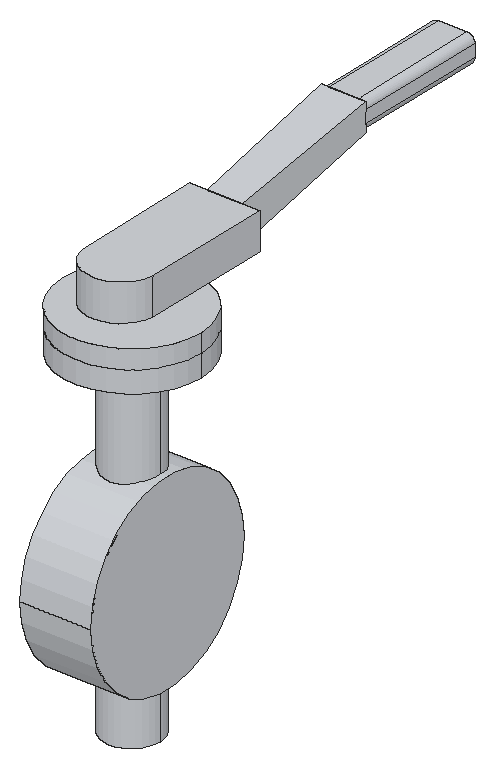
Revit family "HS497-67_disk-litina-s pákou DN080-RFA_2018", category Pipe Accessories, Revit 2018
Family settings
  Round Connector Dimension = Use Diameter
  Part Type = Valve - Breaks Into
  Work Plane-Based = No
  Always vertical = Yes
  Cut with Voids When Loaded = No
  Shared = No
Parameters (values of type "HS 497-67_DN080_PN16_s pákou")
  magiProductId = "e414795fab0f4eccb99bc3572c5477"
  magiProductFamilyId = "53cea81e6f374d17b8841d9c72ad77"
  magiPartTypeId = 305
  isMeasuringValve [instance] = no
  ang2D [instance] = 0.00°
  X11 = 61.456 mm
  X1 = 25.456 mm
  W2D = 1000 mm
  VersionID = "2.0/2017.9.26.1/ZETKAMA_497_001"
  Use Minimum Symbol Size [instance] = yes
  URL = "http://www.hydronix.cz"
  Type Comments = "mezipřírubová; litinový disk; PN16; -10~+110°C (krátkodobě +120°C)"
  SW30 = no
  SW3 = no
  SW21 = no
  SW20 = yes
  SW2 = yes
  SW1 = no
  R = 40 mm
  QmdConnectorList = "301;D;302;D"
  Productdata [instance] = ""
  NC = 50 mm
  Model = ""
  Manufacturer = "Hydronix"  # constant formula
  MM20 = 25.456 mm
  MC Product Code = "120 080 (litinový disk, s pákou; DN80; PN16, kvs258)"
  M41 = 66 mm
  M4 = 44 mm
  LHL = 260 mm
  LHH3 = 3 mm
  LHH1 = 57 mm
  LH1 = 86.667 mm
  L4R__ve = -L4R  # -12.8 mm
  L4R = 12.8 mm
  L42__ve = -L42  # -96 mm
  L42 = 96 mm
  L41__ve = -L41  # -19.2 mm
  L41 = 19.2 mm
  L2D_Min = 3048 mm
  L2D = 216 mm
  L2 = 23 mm
  L1 = 36.8 mm
  L = 46 mm
  H = 30 mm
  G22 = 11.25 mm
  G2 = 22.5 mm
  G1 = 90 mm
  G = 90 mm
  F = 11 mm
  E44 = 31.25 mm
  E42 = 62.5 mm
  E4 = 125 mm
  E23 = 6 mm
  E22 = 24 mm
  E21 = 12 mm
  Description = "Mezipřírubová uzavírací klapka s pákou; litinový disk, DN80; PN16; kvs258"
  DR2 = 40 mm
  DR = 124 mm
  DD1 = 15.625 mm
  DD = 12.5 mm
  D = 80 mm
  CAT0 = yes
  B2__ve = -B2  # -54 mm
  B2 = 54 mm
  A2 = 14.1 mm
  A1 = 86.9 mm
Types (43, lengths in mm): name | magiProductId | X11 | X1 | Type Comments | SW30 | SW3 | SW20 | SW2 | SW1 | R | NC | MM20 | MC Product Code | M41 | M4 | LHL | LHH3 | LHH1 | LH1 | L4R__ve | L4R | L42__ve | L42 | L41__ve | L41 | L2 | L1 | L | H | G | F | E44 | E42 | E4 | E23 | E22 | E21 | Description | DR2 | DR | DD1 | DD | D | B2__ve | B2 | A2 | A1
  HS 497-67_DN100_PN16_volné vřeteno | "65d1b245f4f142c78569c0602d5754" | 61.456 | 25.456 | "mezipřírubová; litinový disk; PN16; -10~+110°C (krátkodobě +120°C)" | no | no | no | no | yes | 50 | 50 | 25.456 | "123 100 (litinový disk, s volným vřetenem; DN100; PN16, kvs512)" | 66 | 44 | 220 | 2.45 | 46.55 | 73.333 | -12.8 | 12.8 | -96 | 96 | -19.2 | 19.2 | 26 | 41.6 | 52 | 30 | 90 | 11 | 31.25 | 62.5 | 125 | 4.9 | 19.6 | 9.8 | "Mezipřírubová uzavírací klapka s volným vřetenem; litinový disk, DN100; PN16; kvs512" | 50 | 147 | 15.625 | 12.5 | 100 | -56 | 56 | 16.5 | 98.5
  HS 497-67_DN100_PN16_převodové kolo | "11e91b807e674d428c8e796fcdcfe2" | 61.456 | 25.456 | "mezipřírubová; litinový disk; PN16; -10~+110°C (krátkodobě +120°C)" | yes | yes | no | no | no | 50 | 50 | 25.456 | "125 100 (litinový disk, s převodovým kolem; DN100; PN16, kvs512)" | 65.25 | 43.5 | 220 | 2.45 | 46.55 | 73.333 | -12.8 | 12.8 | -96 | 96 | -19.2 | 19.2 | 26 | 41.6 | 52 | 30 | 90 | 11 | 31.25 | 62.5 | 125 | 4.9 | 19.6 | 9.8 | "Mezipřírubová uzavírací klapka s převodovým kolem; litinový disk, DN100; PN16; kvs512" | 50 | 147 | 15.625 | 12.5 | 100 | -56 | 56 | 16.5 | 98.5
  HS 497-67_DN100_PN16_s pákou | "28172f0b3f4b47b28323ac71cf8749" | 61.456 | 25.456 | "mezipřírubová; litinový disk; PN16; -10~+110°C (krátkodobě +120°C)" | no | no | yes | yes | no | 50 | 50 | 25.456 | "120 100 (litinový disk, s pákou; DN100; PN16, kvs512)" | 66 | 44 | 260 | 3 | 57 | 86.667 | -12.8 | 12.8 | -96 | 96 | -19.2 | 19.2 | 26 | 41.6 | 52 | 30 | 90 | 11 | 31.25 | 62.5 | 125 | 6 | 24 | 12 | "Mezipřírubová uzavírací klapka s pákou; litinový disk, DN100; PN16; kvs512" | 50 | 147 | 15.625 | 12.5 | 100 | -56 | 56 | 16.5 | 98.5
  HS 497-67_DN125_PN16_volné vřeteno | "0d813d910fc14f628bb3c2efbd185c" | 61.456 | 25.456 | "mezipřírubová; litinový disk; PN16; -10~+110°C (krátkodobě +120°C)" | no | no | no | no | yes | 62.5 | 50 | 25.456 | "123 125 (litinový disk, s volným vřetenem; DN125; PN16, kvs872)" | 66 | 44 | 220 | 2.45 | 46.55 | 73.333 | -12.8 | 12.8 | -96 | 96 | -19.2 | 19.2 | 28 | 44.8 | 56 | 33 | 90 | 14 | 31.25 | 62.5 | 125 | 4.9 | 19.6 | 9.8 | "Mezipřírubová uzavírací klapka s volným vřetenem; litinový disk, DN125; PN16; kvs872" | 62.5 | 180 | 15.625 | 12.5 | 125 | -64 | 64 | 18 | 99.5
  HS 497-67_DN125_PN16_převodové kolo | "c56b7c13f372467684996fb1e0e229" | 61.456 | 25.456 | "mezipřírubová; litinový disk; PN16; -10~+110°C (krátkodobě +120°C)" | yes | yes | no | no | no | 62.5 | 50 | 25.456 | "125 125 (litinový disk, s převodovým kolem; DN125; PN16, kvs872)" | 65.25 | 43.5 | 220 | 2.45 | 46.55 | 73.333 | -13.5 | 13.5 | -101.25 | 101.25 | -20.25 | 20.25 | 28 | 44.8 | 56 | 33 | 90 | 14 | 40 | 80 | 160 | 4.9 | 19.6 | 9.8 | "Mezipřírubová uzavírací klapka s převodovým kolem; litinový disk, DN125; PN16; kvs872" | 62.5 | 180 | 20 | 16 | 125 | -64 | 64 | 18 | 99.5
  HS 497-67_DN125_PN16_s pákou | "105993c79a91492399feef7931321a" | 61.456 | 25.456 | "mezipřírubová; litinový disk; PN16; -10~+110°C (krátkodobě +120°C)" | no | no | yes | yes | no | 62.5 | 50 | 25.456 | "120 125 (litinový disk, s pákou; DN125; PN16, kvs872)" | 66 | 44 | 315 | 3.75 | 71.25 | 105 | -12.8 | 12.8 | -96 | 96 | -19.2 | 19.2 | 28 | 44.8 | 56 | 33 | 90 | 14 | 31.25 | 62.5 | 125 | 7.5 | 30 | 15 | "Mezipřírubová uzavírací klapka s pákou; litinový disk, DN125; PN16; kvs872" | 62.5 | 180 | 15.625 | 12.5 | 125 | -64 | 64 | 18 | 99.5
  HS 497-67_DN150_PN16_volné vřeteno | "50c80cb8ab434f55ab7796e5ac1331" | 61.456 | 25.456 | "mezipřírubová; litinový disk; PN16; -10~+110°C (krátkodobě +120°C)" | no | no | no | no | yes | 75 | 50 | 25.456 | "123 150 (litinový disk, s volným vřetenem; DN150; PN16, kvs1347)" | 66 | 44 | 220 | 2.45 | 46.55 | 73.333 | -12.8 | 12.8 | -96 | 96 | -19.2 | 19.2 | 28 | 44.8 | 56 | 33 | 90 | 14 | 31.25 | 62.5 | 125 | 4.9 | 19.6 | 9.8 | "Mezipřírubová uzavírací klapka s volným vřetenem; litinový disk, DN150; PN16; kvs1347" | 75 | 206 | 15.625 | 12.5 | 150 | -58 | 58 | 19.3 | 98.7
  HS 497-67_DN150_PN16_převodové kolo | "d94a1a0cf83b476eb10011b327f709" | 61.456 | 25.456 | "mezipřírubová; litinový disk; PN16; -10~+110°C (krátkodobě +120°C)" | yes | yes | no | no | no | 75 | 50 | 25.456 | "125 150 (litinový disk, s převodovým kolem; DN150; PN16, kvs1347)" | 65.25 | 43.5 | 220 | 2.45 | 46.55 | 73.333 | -13.5 | 13.5 | -101.25 | 101.25 | -20.25 | 20.25 | 28 | 44.8 | 56 | 33 | 90 | 14 | 40 | 80 | 160 | 4.9 | 19.6 | 9.8 | "Mezipřírubová uzavírací klapka s převodovým kolem; litinový disk, DN150; PN16; kvs1347" | 75 | 206 | 20 | 16 | 150 | -58 | 58 | 19.3 | 98.7
  HS 497-67_DN150_PN16_s pákou | "4d2835523fe84828bc50ff0a5a0dfb" | 61.456 | 25.456 | "mezipřírubová; litinový disk; PN16; -10~+110°C (krátkodobě +120°C)" | no | no | yes | yes | no | 75 | 50 | 25.456 | "120 150 (litinový disk, s pákou; DN150; PN16, kvs1347)" | 66 | 44 | 315 | 3.75 | 71.25 | 105 | -12.8 | 12.8 | -96 | 96 | -19.2 | 19.2 | 28 | 44.8 | 56 | 33 | 90 | 14 | 31.25 | 62.5 | 125 | 7.5 | 30 | 15 | "Mezipřírubová uzavírací klapka s pákou; litinový disk, DN150; PN16; kvs1347" | 75 | 206 | 15.625 | 12.5 | 150 | -58 | 58 | 19.3 | 98.7
  HS 497-67_DN200_PN16_volné vřeteno | "5b29029eaeba47139ee1055a4b9201" | 61.456 | 25.456 | "mezipřírubová; litinový disk; PN16; -10~+110°C (krátkodobě +120°C)" | no | no | no | no | yes | 100 | 50 | 25.456 | "123 200 (litinový disk, s volným vřetenem; DN200; PN16, kvs2675)" | 66 | 44 | 220 | 2.45 | 46.55 | 73.333 | -12.8 | 12.8 | -96 | 96 | -19.2 | 19.2 | 30 | 48 | 60 | 33 | 90 | 17 | 31.25 | 62.5 | 125 | 4.9 | 19.6 | 9.8 | "Mezipřírubová uzavírací klapka s volným vřetenem; litinový disk, DN200; PN16; kvs2675" | 100 | 257 | 15.625 | 12.5 | 200 | -70 | 70 | 22.5 | 102.5
  HS 497-67_DN200_PN16_převodové kolo | "b2793cc1fcc44cf2a35062cd67c04f" | 61.456 | 25.456 | "mezipřírubová; litinový disk; PN16; -10~+110°C (krátkodobě +120°C)" | yes | yes | no | no | no | 100 | 57 | 25.456 | "125 200 (litinový disk, s převodovým kolem; DN200; PN16, kvs2675)" | 78.75 | 52.5 | 220 | 2.45 | 46.55 | 73.333 | -15.2 | 15.2 | -114 | 114 | -22.8 | 22.8 | 30 | 48 | 60 | 33 | 90 | 17 | 50 | 100 | 200 | 4.9 | 19.6 | 9.8 | "Mezipřírubová uzavírací klapka s převodovým kolem; litinový disk, DN200; PN16; kvs2675" | 100 | 257 | 25 | 20 | 200 | -70 | 70 | 22.5 | 102.5
  HS 497-67_DN200_PN16_s pákou | "f88d96c7af224537a51e72d7d8fffe" | 61.456 | 25.456 | "mezipřírubová; litinový disk; PN16; -10~+110°C (krátkodobě +120°C)" | no | no | yes | yes | no | 100 | 50 | 25.456 | "120 200 (litinový disk, s pákou; DN200; PN16, kvs2675)" | 66 | 44 | 315 | 3.75 | 71.25 | 105 | -12.8 | 12.8 | -96 | 96 | -19.2 | 19.2 | 30 | 48 | 60 | 33 | 90 | 17 | 31.25 | 62.5 | 125 | 7.5 | 30 | 15 | "Mezipřírubová uzavírací klapka s pákou; litinový disk, DN200; PN16; kvs2675" | 100 | 257 | 15.625 | 12.5 | 200 | -70 | 70 | 22.5 | 102.5
  HS 497-67_DN250_PN16_volné vřeteno | "b662e8305ca2402b9c510e66e6aa55" | 88.77 | 36.77 | "mezipřírubová; litinový disk; PN16; -10~+110°C (krátkodobě +120°C)" | no | no | no | no | yes | 125 | 50 | 36.77 | "123 250 (litinový disk, s volným vřetenem; DN250; PN16, kvs4555)" | 66 | 44 | 220 | 2.45 | 46.55 | 73.333 | -12.8 | 12.8 | -96 | 96 | -19.2 | 19.2 | 34 | 54.4 | 68 | 23 | 130 | 22 | 31.25 | 62.5 | 125 | 4.9 | 19.6 | 9.8 | "Mezipřírubová uzavírací klapka s volným vřetenem; litinový disk, DN250; PN16; kvs4555" | 125 | 324 | 15.625 | 12.5 | 250 | -85 | 85 | 28.25 | 129.25
  HS 497-67_DN250_PN16_převodové kolo | "5ee9016806664ddfaa2632711f295c" | 88.77 | 36.77 | "mezipřírubová; litinový disk; PN16; -10~+110°C (krátkodobě +120°C)" | yes | yes | no | no | no | 125 | 70 | 36.77 | "125 250 (litinový disk, s převodovým kolem; DN250; PN16, kvs4555)" | 91.5 | 61 | 220 | 2.45 | 46.55 | 73.333 | -22.2 | 22.2 | -166.5 | 166.5 | -33.3 | 33.3 | 34 | 54.4 | 68 | 23 | 130 | 22 | 62.5 | 125 | 250 | 4.9 | 19.6 | 9.8 | "Mezipřírubová uzavírací klapka s převodovým kolem; litinový disk, DN250; PN16; kvs4555" | 125 | 324 | 31.25 | 25 | 250 | -85 | 85 | 28.25 | 129.25
  HS 497-67_DN300_PN16_volné vřeteno | "e1886f51ff004380a649519258edf2" | 88.77 | 36.77 | "mezipřírubová; litinový disk; PN16; -10~+110°C (krátkodobě +120°C)" | no | no | no | no | yes | 150 | 50 | 36.77 | "123 300 (litinový disk, s volným vřetenem; DN300; PN16, kvs7037)" | 66 | 44 | 220 | 2.45 | 46.55 | 73.333 | -12.8 | 12.8 | -96 | 96 | -19.2 | 19.2 | 39 | 62.4 | 78 | 23 | 130 | 22 | 31.25 | 62.5 | 125 | 4.9 | 19.6 | 9.8 | "Mezipřírubová uzavírací klapka s volným vřetenem; litinový disk, DN300; PN16; kvs7037" | 150 | 376 | 15.625 | 12.5 | 300 | -90 | 90 | 30.8 | 127.2
  HS 497-67_DN300_PN16_převodové kolo | "6860f094f77d42088fbebc3c97f755" | 88.77 | 36.77 | "mezipřírubová; litinový disk; PN16; -10~+110°C (krátkodobě +120°C)" | yes | yes | no | no | no | 150 | 70 | 36.77 | "125 300 (litinový disk, s převodovým kolem; DN300; PN16, kvs7037)" | 91.5 | 61 | 220 | 2.45 | 46.55 | 73.333 | -22.2 | 22.2 | -166.5 | 166.5 | -33.3 | 33.3 | 39 | 62.4 | 78 | 23 | 130 | 22 | 62.5 | 125 | 250 | 4.9 | 19.6 | 9.8 | "Mezipřírubová uzavírací klapka s převodovým kolem; litinový disk, DN300; PN16; kvs7037" | 150 | 376 | 31.25 | 25 | 300 | -90 | 90 | 30.8 | 127.2
  HS 497-67_DN032_PN16_volné vřeteno | "8c5f65de52aa4067a77564107e31b2" | 61.456 | 25.456 | "mezipřírubová; litinový disk; PN16; -10~+110°C (krátkodobě +120°C)" | no | no | no | no | yes | 16 | 50 | 25.456 | "123 032 (litinový disk, s volným vřetenem; DN32; PN16, kvs78)" | 66 | 44 | 220 | 2.45 | 46.55 | 73.333 | -12.8 | 12.8 | -96 | 96 | -19.2 | 19.2 | 16.5 | 26.4 | 33 | 30 | 90 | 11 | 31.25 | 62.5 | 125 | 4.9 | 19.6 | 9.8 | "Mezipřírubová uzavírací klapka s volným vřetenem; litinový disk, DN32; PN16; kvs78" | 16 | 68 | 15.625 | 12.5 | 32 | -44.2 | 44.2 | 10.25 | 76.25
  HS 497-67_DN032_PN16_převodové kolo | "60aaeffa8b3a4e809ef000e4660060" | 61.456 | 25.456 | "mezipřírubová; litinový disk; PN16; -10~+110°C (krátkodobě +120°C)" | yes | yes | no | no | no | 16 | 50 | 25.456 | "125 032 (litinový disk, s převodovým kolem; DN32; PN16, kvs78)" | 65.25 | 43.5 | 220 | 2.45 | 46.55 | 73.333 | -12.8 | 12.8 | -96 | 96 | -19.2 | 19.2 | 16.5 | 26.4 | 33 | 30 | 90 | 11 | 31.25 | 62.5 | 125 | 4.9 | 19.6 | 9.8 | "Mezipřírubová uzavírací klapka s převodovým kolem; litinový disk, DN32; PN16; kvs78" | 16 | 68 | 15.625 | 12.5 | 32 | -44.2 | 44.2 | 10.25 | 76.25
  HS 497-67_DN032_PN16_s pákou | "9ad8088d610749a1b871aa2aad8007" | 61.456 | 25.456 | "mezipřírubová; litinový disk; PN16; -10~+110°C (krátkodobě +120°C)" | no | no | yes | yes | no | 16 | 50 | 25.456 | "120 032 (litinový disk, s pákou; DN32; PN16, kvs78)" | 66 | 44 | 220 | 2.45 | 46.55 | 73.333 | -12.8 | 12.8 | -96 | 96 | -19.2 | 19.2 | 16.5 | 26.4 | 33 | 30 | 90 | 11 | 31.25 | 62.5 | 125 | 4.9 | 19.6 | 9.8 | "Mezipřírubová uzavírací klapka s pákou; litinový disk, DN32; PN16; kvs78" | 16 | 68 | 15.625 | 12.5 | 32 | -44.2 | 44.2 | 10.25 | 76.25
  HS 497-67_DN350_PN10_volné vřeteno | "72a1e05f22944421b7e9596a877137" | 109.255 | 45.255 | "mezipřírubová; litinový disk; PN10; -10~+110°C (krátkodobě +120°C)" | no | no | no | no | yes | 175 | 50 | 45.255 | "123 350 (litinový disk, s volným vřetenem; DN350; PN10, kvs10165)" | 66 | 44 | 220 | 2.45 | 46.55 | 73.333 | -12.8 | 12.8 | -96 | 96 | -19.2 | 19.2 | 39 | 62.4 | 78 | 31 | 160 | 22 | 31.25 | 62.5 | 125 | 4.9 | 19.6 | 9.8 | "Mezipřírubová uzavírací klapka s volným vřetenem; litinový disk, DN350; PN10; kvs10165" | 175 | 430 | 15.625 | 12.5 | 350 | -88 | 88 | 33.85 | 129.65
  HS 497-67_DN350_PN10_převodové kolo | "a5a01426cb28494ba3afca92f1dace" | 109.255 | 45.255 | "mezipřírubová; litinový disk; PN10; -10~+110°C (krátkodobě +120°C)" | yes | yes | no | no | no | 175 | 70 | 45.255 | "125 350 (litinový disk, s převodovým kolem; DN350; PN10, kvs10165)" | 91.5 | 61 | 220 | 2.45 | 46.55 | 73.333 | -22.2 | 22.2 | -166.5 | 166.5 | -33.3 | 33.3 | 39 | 62.4 | 78 | 31 | 160 | 22 | 62.5 | 125 | 250 | 4.9 | 19.6 | 9.8 | "Mezipřírubová uzavírací klapka s převodovým kolem; litinový disk, DN350; PN10; kvs10165" | 175 | 430 | 31.25 | 25 | 350 | -88 | 88 | 33.85 | 129.65
  HS 497-67_DN400_PN10_volné vřeteno | "c70ebeb927c04ab99b176e257ad0a7" | 109.255 | 45.255 | "mezipřírubová; litinový disk; PN10; -10~+110°C (krátkodobě +120°C)" | no | no | no | no | yes | 200 | 50 | 45.255 | "123 400 (litinový disk, s volným vřetenem; DN400; PN10, kvs13799)" | 66 | 44 | 220 | 2.45 | 46.55 | 73.333 | -12.8 | 12.8 | -96 | 96 | -19.2 | 19.2 | 51 | 81.6 | 102 | 31 | 160 | 27 | 31.25 | 62.5 | 125 | 4.9 | 19.6 | 9.8 | "Mezipřírubová uzavírací klapka s volným vřetenem; litinový disk, DN400; PN10; kvs13799" | 200 | 485 | 15.625 | 12.5 | 400 | -108 | 108 | 38 | 142
  HS 497-67_DN400_PN10_převodové kolo | "cc64a4384dcb41b780d81810f4f293" | 109.255 | 45.255 | "mezipřírubová; litinový disk; PN10; -10~+110°C (krátkodobě +120°C)" | yes | yes | no | no | no | 200 | 72.5 | 45.255 | "125 400 (litinový disk, s převodovým kolem; DN400; PN10, kvs13799)" | 103.5 | 69 | 220 | 2.45 | 46.55 | 73.333 | -27.8 | 27.8 | -208.5 | 208.5 | -41.7 | 41.7 | 51 | 81.6 | 102 | 31 | 160 | 27 | 75 | 150 | 300 | 4.9 | 19.6 | 9.8 | "Mezipřírubová uzavírací klapka s převodovým kolem; litinový disk, DN400; PN10; kvs13799" | 200 | 485 | 37.5 | 30 | 400 | -108 | 108 | 38 | 142
  HS 497-67_DN040_PN16_volné vřeteno | "35f92312390745e88df5b5c325d9ee" | 61.456 | 25.456 | "mezipřírubová; litinový disk; PN16; -10~+110°C (krátkodobě +120°C)" | no | no | no | no | yes | 20 | 50 | 25.456 | "123 040 (litinový disk, s volným vřetenem; DN40; PN16, kvs78)" | 66 | 44 | 220 | 2.45 | 46.55 | 73.333 | -12.8 | 12.8 | -96 | 96 | -19.2 | 19.2 | 16.5 | 26.4 | 33 | 30 | 90 | 11 | 31.25 | 62.5 | 125 | 4.9 | 19.6 | 9.8 | "Mezipřírubová uzavírací klapka s volným vřetenem; litinový disk, DN40; PN16; kvs78" | 20 | 76 | 15.625 | 12.5 | 40 | -36 | 36 | 11 | 79
  HS 497-67_DN040_PN16_převodové kolo | "d88e968eae3445bc9b7b4e6ff35127" | 61.456 | 25.456 | "mezipřírubová; litinový disk; PN16; -10~+110°C (krátkodobě +120°C)" | yes | yes | no | no | no | 20 | 50 | 25.456 | "125 040 (litinový disk, s převodovým kolem; DN40; PN16, kvs78)" | 65.25 | 43.5 | 220 | 2.45 | 46.55 | 73.333 | -12.8 | 12.8 | -96 | 96 | -19.2 | 19.2 | 16.5 | 26.4 | 33 | 30 | 90 | 11 | 31.25 | 62.5 | 125 | 4.9 | 19.6 | 9.8 | "Mezipřírubová uzavírací klapka s převodovým kolem; litinový disk, DN40; PN16; kvs78" | 20 | 76 | 15.625 | 12.5 | 40 | -36 | 36 | 11 | 79
  HS 497-67_DN040_PN16_s pákou | "c1b522ca65b4407a98818f232eaacb" | 61.456 | 25.456 | "mezipřírubová; litinový disk; PN16; -10~+110°C (krátkodobě +120°C)" | no | no | yes | yes | no | 20 | 50 | 25.456 | "120 040 (litinový disk, s pákou; DN40; PN16, kvs78)" | 66 | 44 | 220 | 2.45 | 46.55 | 73.333 | -12.8 | 12.8 | -96 | 96 | -19.2 | 19.2 | 16.5 | 26.4 | 33 | 30 | 90 | 11 | 31.25 | 62.5 | 125 | 4.9 | 19.6 | 9.8 | "Mezipřírubová uzavírací klapka s pákou; litinový disk, DN40; PN16; kvs78" | 20 | 76 | 15.625 | 12.5 | 40 | -36 | 36 | 11 | 79
  HS 497-67_DN450_PN10_volné vřeteno | "a8358bc282f14872b3194e530e590a" | 129.74 | 53.74 | "mezipřírubová; litinový disk; PN10; -10~+110°C (krátkodobě +120°C)" | no | no | no | no | yes | 225 | 50 | 53.74 | "123 450 (litinový disk, s volným vřetenem; DN450; PN10, kvs18514)" | 66 | 44 | 220 | 2.45 | 46.55 | 73.333 | -12.8 | 12.8 | -96 | 96 | -19.2 | 19.2 | 57 | 91.2 | 114 | 38 | 190 | 36 | 31.25 | 62.5 | 125 | 4.9 | 19.6 | 9.8 | "Mezipřírubová uzavírací klapka s volným vřetenem; litinový disk, DN450; PN10; kvs18514" | 225 | 536 | 15.625 | 12.5 | 450 | -115 | 115 | 38.05 | 117.45
  HS 497-67_DN450_PN10_převodové kolo | "cdf2d80f54a9414f9cbe50647c0ebd" | 129.74 | 53.74 | "mezipřírubová; litinový disk; PN10; -10~+110°C (krátkodobě +120°C)" | yes | yes | no | no | no | 225 | 91.5 | 53.74 | "125 450 (litinový disk, s převodovým kolem; DN450; PN10, kvs18514)" | 144.75 | 96.5 | 220 | 2.45 | 46.55 | 73.333 | -32.1 | 32.1 | -240.75 | 240.75 | -48.15 | 48.15 | 57 | 91.2 | 114 | 38 | 190 | 36 | 100 | 200 | 400 | 4.9 | 19.6 | 9.8 | "Mezipřírubová uzavírací klapka s převodovým kolem; litinový disk, DN450; PN10; kvs18514" | 225 | 536 | 50 | 40 | 450 | -115 | 115 | 38.05 | 117.45
  HS 497-67_DN500_PN10_volné vřeteno | "8c396e27bb2743f98f3c762b6517cd" | 143.397 | 59.397 | "mezipřírubová; litinový disk; PN10; -10~+110°C (krátkodobě +120°C)" | no | no | no | no | yes | 250 | 50 | 59.397 | "123 500 (litinový disk, s volným vřetenem; DN500; PN10, kvs23805)" | 66 | 44 | 220 | 2.45 | 46.55 | 73.333 | -12.8 | 12.8 | -96 | 96 | -19.2 | 19.2 | 63.5 | 101.6 | 127 | 38 | 210 | 36 | 31.25 | 62.5 | 125 | 4.9 | 19.6 | 9.8 | "Mezipřírubová uzavírací klapka s volným vřetenem; litinový disk, DN500; PN10; kvs23805" | 250 | 593 | 15.625 | 12.5 | 500 | -130 | 130 | 43.25 | 139.25
  HS 497-67_DN500_PN10_převodové kolo | "7647804f32e94cef828a7034a91a46" | 143.397 | 59.397 | "mezipřírubová; litinový disk; PN10; -10~+110°C (krátkodobě +120°C)" | yes | yes | no | no | no | 250 | 91.5 | 59.397 | "125 500 (litinový disk, s převodovým kolem; DN500; PN10, kvs23805)" | 144.75 | 96.5 | 220 | 2.45 | 46.55 | 73.333 | -32.1 | 32.1 | -240.75 | 240.75 | -48.15 | 48.15 | 63.5 | 101.6 | 127 | 38 | 210 | 36 | 100 | 200 | 400 | 4.9 | 19.6 | 9.8 | "Mezipřírubová uzavírací klapka s převodovým kolem; litinový disk, DN500; PN10; kvs23805" | 250 | 593 | 50 | 40 | 500 | -130 | 130 | 43.25 | 139.25
  HS 497-67_DN050_PN16_volné vřeteno | "d71f296ecd6d4adf8f6e5d9853b4e0" | 61.456 | 25.456 | "mezipřírubová; litinový disk; PN16; -10~+110°C (krátkodobě +120°C)" | no | no | no | no | yes | 25 | 50 | 25.456 | "123 050 (litinový disk, s volným vřetenem; DN50; PN16, kvs98)" | 66 | 44 | 220 | 2.45 | 46.55 | 73.333 | -12.8 | 12.8 | -96 | 96 | -19.2 | 19.2 | 21.5 | 34.4 | 43 | 30 | 90 | 11 | 31.25 | 62.5 | 125 | 4.9 | 19.6 | 9.8 | "Mezipřírubová uzavírací klapka s volným vřetenem; litinový disk, DN50; PN16; kvs98" | 25 | 100 | 15.625 | 12.5 | 50 | -36.5 | 36.5 | 12 | 83
  HS 497-67_DN050_PN16_převodové kolo | "2fb080deeaed49c58418b94c1da5a4" | 61.456 | 25.456 | "mezipřírubová; litinový disk; PN16; -10~+110°C (krátkodobě +120°C)" | yes | yes | no | no | no | 25 | 50 | 25.456 | "125 050 (litinový disk, s převodovým kolem; DN50; PN16, kvs98)" | 65.25 | 43.5 | 220 | 2.45 | 46.55 | 73.333 | -12.8 | 12.8 | -96 | 96 | -19.2 | 19.2 | 21.5 | 34.4 | 43 | 30 | 90 | 11 | 31.25 | 62.5 | 125 | 4.9 | 19.6 | 9.8 | "Mezipřírubová uzavírací klapka s převodovým kolem; litinový disk, DN50; PN16; kvs98" | 25 | 100 | 15.625 | 12.5 | 50 | -36.5 | 36.5 | 12 | 83
  HS 497-67_DN050_PN16_s pákou | "dabc632061f94877a994b9b4e68112" | 61.456 | 25.456 | "mezipřírubová; litinový disk; PN16; -10~+110°C (krátkodobě +120°C)" | no | no | yes | yes | no | 25 | 50 | 25.456 | "120 050 (litinový disk, s pákou; DN50; PN16, kvs98)" | 66 | 44 | 220 | 2.45 | 46.55 | 73.333 | -12.8 | 12.8 | -96 | 96 | -19.2 | 19.2 | 21.5 | 34.4 | 43 | 30 | 90 | 11 | 31.25 | 62.5 | 125 | 4.9 | 19.6 | 9.8 | "Mezipřírubová uzavírací klapka s pákou; litinový disk, DN50; PN16; kvs98" | 25 | 100 | 15.625 | 12.5 | 50 | -36.5 | 36.5 | 12 | 83
  HS 497-67_DN600_PN10_volné vřeteno | "99d5892c14664fce81a7c5903f7711" | 143.397 | 59.397 | "mezipřírubová; litinový disk; PN10; -10~+110°C (krátkodobě +120°C)" | no | no | no | no | yes | 300 | 50 | 59.397 | "123 600 (litinový disk, s volným vřetenem; DN600; PN10, kvs36778)" | 66 | 44 | 220 | 2.45 | 46.55 | 73.333 | -12.8 | 12.8 | -96 | 96 | -19.2 | 19.2 | 77 | 123.2 | 154 | 80 | 210 | 60 | 31.25 | 62.5 | 125 | 4.9 | 19.6 | 9.8 | "Mezipřírubová uzavírací klapka s volným vřetenem; litinový disk, DN600; PN10; kvs36788" | 300 | 690 | 15.625 | 12.5 | 600 | -140 | 140 | 49.4 | 144.6
  HS 497-67_DN600_PN10_převodové kolo | "b1e26faab48a4c499f6bb11e7e3002" | 143.397 | 59.397 | "mezipřírubová; litinový disk; PN10; -10~+110°C (krátkodobě +120°C)" | yes | yes | no | no | no | 300 | 140 | 59.397 | "125 600 (litinový disk, s převodovým kolem; DN600; PN10, kvs36778)" | 206.25 | 137.5 | 220 | 2.45 | 46.55 | 73.333 | -40.8 | 40.8 | -306 | 306 | -61.2 | 61.2 | 77 | 123.2 | 154 | 80 | 210 | 60 | 125 | 250 | 500 | 4.9 | 19.6 | 9.8 | "Mezipřírubová uzavírací klapka s převodovým kolem; litinový disk, DN600; PN10; kvs36788" | 300 | 690 | 62.5 | 50 | 600 | -140 | 140 | 49.4 | 144.6
  HS 497-67_DN065_PN16_volné vřeteno | "5e5e208646e34ec29f889baab5d08e" | 61.456 | 25.456 | "mezipřírubová; litinový disk; PN16; -10~+110°C (krátkodobě +120°C)" | no | no | no | no | yes | 32.5 | 50 | 25.456 | "123 065 (litinový disk, s volným vřetenem; DN65; PN16, kvs167)" | 66 | 44 | 220 | 2.45 | 46.55 | 73.333 | -12.8 | 12.8 | -96 | 96 | -19.2 | 19.2 | 23 | 36.8 | 46 | 30 | 90 | 11 | 31.25 | 62.5 | 125 | 4.9 | 19.6 | 9.8 | "Mezipřírubová uzavírací klapka s volným vřetenem; litinový disk, DN65; PN16; kv167" | 32.5 | 108 | 15.625 | 12.5 | 65 | -36.5 | 36.5 | 13.5 | 89
  HS 497-67_DN065_PN16_převodové kolo | "654d74c8d15540b0bfe523d988ccb3" | 61.456 | 25.456 | "mezipřírubová; litinový disk; PN16; -10~+110°C (krátkodobě +120°C)" | yes | yes | no | no | no | 32.5 | 50 | 25.456 | "125 065 (litinový disk, s převodovým kolem; DN65; PN16, kvs167)" | 65.25 | 43.5 | 220 | 2.45 | 46.55 | 73.333 | -12.8 | 12.8 | -96 | 96 | -19.2 | 19.2 | 23 | 36.8 | 46 | 30 | 90 | 11 | 31.25 | 62.5 | 125 | 4.9 | 19.6 | 9.8 | "Mezipřírubová uzavírací klapka s převodovým kolem; litinový disk, DN65; PN16; kvs167" | 32.5 | 108 | 15.625 | 12.5 | 65 | -36.5 | 36.5 | 13.5 | 89
  HS 497-67_DN065_PN16_s pákou | "ebeb4b59db0641caaf6d6635ab37b9" | 61.456 | 25.456 | "mezipřírubová; litinový disk; PN16; -10~+110°C (krátkodobě +120°C)" | no | no | yes | yes | no | 32.5 | 50 | 25.456 | "120 065 (litinový disk, s pákou; DN65; PN16, kvs167)" | 66 | 44 | 220 | 2.45 | 46.55 | 73.333 | -12.8 | 12.8 | -96 | 96 | -19.2 | 19.2 | 23 | 36.8 | 46 | 30 | 90 | 11 | 31.25 | 62.5 | 125 | 4.9 | 19.6 | 9.8 | "Mezipřírubová uzavírací klapka s pákou; litinový disk, DN65; PN16; kvs167" | 32.5 | 108 | 15.625 | 12.5 | 65 | -36.5 | 36.5 | 13.5 | 89
  HS 497-67_DN080_PN16_volné vřeteno | "9e85c75c18654e1185a9c48ed6b00e" | 61.456 | 25.456 | "mezipřírubová; litinový disk; PN16; -10~+110°C (krátkodobě +120°C)" | no | no | no | no | yes | 40 | 50 | 25.456 | "123 080 (litinový disk, s volným vřetenem; DN80; PN16, kvs258)" | 66 | 44 | 220 | 2.45 | 46.55 | 73.333 | -12.8 | 12.8 | -96 | 96 | -19.2 | 19.2 | 23 | 36.8 | 46 | 30 | 90 | 11 | 31.25 | 62.5 | 125 | 4.9 | 19.6 | 9.8 | "Mezipřírubová uzavírací klapka s volným vřetenem; litinový disk, DN80; PN16; kvs258" | 40 | 124 | 15.625 | 12.5 | 80 | -54 | 54 | 14.1 | 86.9
  HS 497-67_DN080_PN16_převodové kolo | "5b3c8238c3d041e68c75b199e7ea46" | 61.456 | 25.456 | "mezipřírubová; litinový disk; PN16; -10~+110°C (krátkodobě +120°C)" | yes | yes | no | no | no | 40 | 50 | 25.456 | "125 080 (litinový disk, s převodovým kolem; DN80; PN16, kvs258)" | 65.25 | 43.5 | 220 | 2.45 | 46.55 | 73.333 | -12.8 | 12.8 | -96 | 96 | -19.2 | 19.2 | 23 | 36.8 | 46 | 30 | 90 | 11 | 31.25 | 62.5 | 125 | 4.9 | 19.6 | 9.8 | "Mezipřírubová uzavírací klapka s převodovým kolem; litinový disk, DN80; PN16; kvs258" | 40 | 124 | 15.625 | 12.5 | 80 | -54 | 54 | 14.1 | 86.9
  HS 497-67_DN080_PN16_s pákou | "e414795fab0f4eccb99bc3572c5477" | 61.456 | 25.456 | "mezipřírubová; litinový disk; PN16; -10~+110°C (krátkodobě +120°C)" | no | no | yes | yes | no | 40 | 50 | 25.456 | "120 080 (litinový disk, s pákou; DN80; PN16, kvs258)" | 66 | 44 | 260 | 3 | 57 | 86.667 | -12.8 | 12.8 | -96 | 96 | -19.2 | 19.2 | 23 | 36.8 | 46 | 30 | 90 | 11 | 31.25 | 62.5 | 125 | 6 | 24 | 12 | "Mezipřírubová uzavírací klapka s pákou; litinový disk, DN80; PN16; kvs258" | 40 | 124 | 15.625 | 12.5 | 80 | -54 | 54 | 14.1 | 86.9
  HS 497-67_DN250_PN16_s pákou | "" | 88.77 | 36.77 | "mezipřírubová; litinový disk; PN16; -10~+110°C (krátkodobě +120°C)" | no | no | yes | yes | no | 125 | 70 | 36.77 | "120 250 (litinový disk, s pákou; DN250; PN16, kvs4555)" | 91.5 | 61 | 220 | 2.45 | 46.55 | 73.333 | -22.2 | 22.2 | -166.5 | 166.5 | -33.3 | 33.3 | 34 | 54.4 | 68 | 23 | 130 | 22 | 62.5 | 125 | 250 | 4.9 | 19.6 | 9.8 | "Mezipřírubová uzavírací klapka s pákou; litinový disk, DN250; PN16; kvs4555" | 125 | 324 | 31.25 | 25 | 250 | -85 | 85 | 28.25 | 129.25
  HS 497-67_DN300_PN16_s pákou | "" | 88.77 | 36.77 | "mezipřírubová; litinový disk; PN16; -10~+110°C (krátkodobě +120°C)" | no | no | yes | yes | no | 150 | 70 | 36.77 | "120 300 (litinový disk, s pákou; DN300; PN16, kvs7037)" | 91.5 | 61 | 220 | 2.45 | 46.55 | 73.333 | -22.2 | 22.2 | -166.5 | 166.5 | -33.3 | 33.3 | 39 | 62.4 | 78 | 23 | 130 | 22 | 62.5 | 125 | 250 | 4.9 | 19.6 | 9.8 | "Mezipřírubová uzavírací klapka s pákou; litinový disk, DN300; PN16; kvs7037" | 150 | 376 | 31.25 | 25 | 300 | -90 | 90 | 30.8 | 127.2
Reference planes
  plane 1 "Center (Front/Back)": y = 0
  plane 2 "XYPLANE": z = 0
  plane 3 "Center (Left/Right)": x = 0
  plane 4 "473": x = -25.456
  plane 5 "472": x = -66
  plane 6 "471": y = -25.456
  plane 7 "470": y = 25.456
  plane 8 "469": x = -44
  plane 9 "468": y = -115.2
  plane 10 "467": y = -96
  plane 11 "466": z = 172.25
  plane 12 "465": z = 198
  plane 13 "464": y = 172.083
  plane 14 "463": z = 186
  plane 15 "462": z = 165
  plane 16 "461": z = 177
  plane 17 "460": y = 85.417
  plane 18 "459": x = -11.25
  plane 19 "458": x = 11.25
  plane 20 "457": y = -6.25
  plane 21 "456": x = -17.5
  plane 22 "455": x = 17.5
  plane 23 "454": z = 183
  plane 24 "453": y = 75.417
  plane 25 "452": y = -11.25
  plane 26 "451": x = -22.5
  plane 27 "450": x = 22.5
  plane 28 "449": z = 159
  plane 29 "448": z = 153
  plane 30 "447": z = -40
  plane 31 "446": z = 141
  plane 32 "445": z = 126.9
  plane 33 "444": z = 40
  plane 34 "443": x = 23
  plane 35 "442": x = -23
  plane 36 "441": z = 0
  plane 37 "440": y = 0
  plane 38 "439": x = 0
  plane 39 "438": z = 201
  plane 40 "437": z = 183
  plane 41 "436": x = 14.25
  plane 42 "435": x = -14.25
  plane 43 "434": y = 260
Forms (mm)
  Extrusion 1, solid, visible <- "SW3"
    sketch origin (-750, 0, 141) x (1, 0, 0) y (0, 1, 0)
      loop
        line (684, 25.456) -> (684, -25.456) -> (724.544, -25.456)
        arc (724.544, -25.456) -> (786, 0) -> (724.544, 25.456) r 36
        line (724.544, 25.456) -> (684, 25.456)
    from 0 to 62.5 <- "E42"
  Extrusion 2, solid, visible <- "SW30"
    sketch origin (0, -750, 0) x (0, 1, 0) y (0, 0, 1)
      loop
        circle (750, 172.25) r 7.813
    from 0 to 50 <- "NC"
  Extrusion 3, solid, visible <- "SW30"
    sketch origin (750, -115.2, 0) x (-1, 0, 0) y (0, 0, 1)
      loop
        circle (794, 172.25) r 62.5
    from 0 to -12.8 <- "L4R__ve"
  Extrusion 4, solid, visible <- "SW3"
    sketch origin (750, -96, 0) x (-1, 0, 0) y (0, 0, 1)
      loop
        circle (794, 172.25) r 7.813
    from 0 to -19.2 <- "L41__ve"
  Extrusion 5, solid, visible <- "SW30"
    sketch origin (750, 0, 0) x (-1, 0, 0) y (0, 0, 1)
      loop
        circle (794, 172.25) r 6.25
    from 0 to -96 <- "L42__ve"
  Blend 6, solid, visible <- "SW21"
    base sketch origin (750, 85.417, 0) x (-1, 0, 0) y (0, 0, 1)
      loop
        line (761.25, 177) -> (738.75, 177) -> (738.75, 165) -> (761.25, 165) -> (761.25, 177)
    top sketch origin (750, 85.417, 0) x (-1, 0, 0) y (0, 0, 1)
      loop
        line (761.25, 198) -> (738.75, 198) -> (738.75, 186) -> (761.25, 186) -> (761.25, 198)
    from 0 to 86.667
  Blend 7, solid, visible <- "SW21"
    base sketch origin (750, 75.417, 0) x (-1, 0, 0) y (0, 0, 1)
      loop
        line (761.25, 183) -> (738.75, 183) -> (738.75, 159) -> (761.25, 159) -> (761.25, 183)
    top sketch origin (750, 75.417, 0) x (-1, 0, 0) y (0, 0, 1)
      loop
        line (761.25, 177) -> (738.75, 177) -> (738.75, 165) -> (761.25, 165) -> (761.25, 177)
    from 0 to 10
  Blend 8, solid, visible <- "SW21"
    base sketch origin (-750, 0, 159) x (1, 0, 0) y (0, 1, 0)
      loop
        line (772.5, 75.417) -> (727.5, 75.417) -> (727.5, -11.25)
        arc (727.5, -11.25) -> (750, -31.25) -> (772.5, -11.25) r 22.656
        line (772.5, -11.25) -> (772.5, 75.417)
    top sketch origin (-750, 0, 159) x (1, 0, 0) y (0, 1, 0)
      loop
        line (767.5, 75.417) -> (732.5, 75.417) -> (732.5, -6.25)
        arc (732.5, -6.25) -> (750, -26.25) -> (767.5, -6.25) r 17.656
        line (767.5, -6.25) -> (767.5, 75.417)
    from 0 to 24
  Extrusion 9, solid, visible <- "SW2"
    sketch origin (-750, 0, 153) x (1, 0, 0) y (0, 1, 0)
      loop
        circle (750, 0) r 11.25
    from 0 to 6 <- "E23"
  Extrusion 10, solid, visible <- "SW2"
    sketch origin (-750, 0, 141) x (1, 0, 0) y (0, 1, 0)
      loop
        circle (750, 0) r 45
    from 0 to 12 <- "E21"
  Extrusion 11, solid, visible <- "CAT0"
    sketch origin (-750, 0, -40) x (1, 0, 0) y (0, 1, 0)
      loop
        circle (750, 0) r 18.4
    from 0 to -54 <- "B2__ve"
  Extrusion 12, solid, visible <- "CAT0"
    sketch origin (-750, 0, 126.9) x (1, 0, 0) y (0, 1, 0)
      loop
        circle (750, 0) r 45
    from 0 to 14.1 <- "A2"
  Extrusion 13, solid, visible <- "CAT0"
    sketch origin (-750, 0, 40) x (1, 0, 0) y (0, 1, 0)
      loop
        circle (750, 0) r 18.4
    from 0 to 86.9 <- "A1"
  Extrusion 14, solid, visible <- "CAT0"
    sketch origin (-23, -750, 0) x (0, 1, 0) y (0, 0, 1)
      loop
        circle (750, 0) r 62
    from 0 to 46 <- "L"
  Extrusion 15, solid, visible <- "SW1"
    sketch origin (-750, 0, 141) x (1, 0, 0) y (0, 1, 0)
      loop
        line (755.5, 5.5) -> (744.5, 5.5) -> (744.5, -5.5) -> (755.5, -5.5) -> (755.5, 5.5)
    from 0 to 30 <- "H"
  Blend 16, solid, visible <- "SW2"
    base sketch origin (750, 172.083, 0) x (-1, 0, 0) y (0, 0, 1)
      loop
        arc (764.25, 196) -> (762.786, 199.536) -> (759.25, 201) r 5
        line (759.25, 201) -> (740.75, 201)
        arc (740.75, 201) -> (737.214, 199.536) -> (735.75, 196) r 5
        line (735.75, 196) -> (735.75, 188)
        arc (735.75, 188) -> (737.214, 184.464) -> (740.75, 183) r 5
        line (740.75, 183) -> (759.25, 183)
        arc (759.25, 183) -> (762.786, 184.464) -> (764.25, 188) r 5
        line (764.25, 188) -> (764.25, 196)
    top sketch origin (750, 172.083, 0) x (-1, 0, 0) y (0, 0, 1)
      loop
        arc (764.25, 196) -> (762.786, 199.536) -> (759.25, 201) r 5
        line (759.25, 201) -> (740.75, 201)
        arc (740.75, 201) -> (737.214, 199.536) -> (735.75, 196) r 5
        line (735.75, 196) -> (735.75, 188)
        arc (735.75, 188) -> (737.214, 184.464) -> (740.75, 183) r 5
        line (740.75, 183) -> (759.25, 183)
        arc (759.25, 183) -> (762.786, 184.464) -> (764.25, 188) r 5
        line (764.25, 188) -> (764.25, 196)
    from 0 to 87.917
  Blend 17, solid, visible <- "SW20"
    base sketch origin (750, 172.083, 0) x (-1, 0, 0) y (0, 0, 1)
      loop
        line (764.25, 201) -> (735.75, 201) -> (735.75, 183) -> (764.25, 183) -> (764.25, 201)
    top sketch origin (750, 172.083, 0) x (-1, 0, 0) y (0, 0, 1)
      loop
        line (761.25, 183) -> (738.75, 183) -> (738.75, 159) -> (761.25, 159) -> (761.25, 183)
    from 0 to -96.667
  Extrusion 18, solid, visible <- "SW20"
    sketch origin (-750, 0, 159) x (1, 0, 0) y (0, 1, 0)
      loop
        line (772.5, 75.417) -> (727.5, 75.417) -> (727.5, -11.25)
        arc (727.5, -11.25) -> (750, -31.25) -> (772.5, -11.25) r 22.656
        line (772.5, -11.25) -> (772.5, 75.417)
    from 0 to 24 <- "E22"
  Extrusion 19, solid, not visible
    sketch origin (-23, -750, 0) x (0, 1, 0) y (0, 0, 1)
      loop
        circle (750, 0) r 10
    from 0 to 10
  Extrusion 20, solid, not visible
    sketch origin (23, -750, 0) x (0, 1, 0) y (0, 0, 1)
      loop
        circle (750, 0) r 10
    from 0 to -10
Lines and regions (mm)
  reference lines, not visible
    curve 1: circle (2, 2, 0) r 1 normal (0, 0, 1)
  reference lines
    curve 2: line (-25.456, -25.456, 141) -> (-25.456, 25.456, 141)
    curve 3: line (-17.5, -6.25, 159) -> (17.5, -6.25, 159)
    curve 4: line (-22.5, -11.25, 159) -> (22.5, -11.25, 159)
    curve 5: circle (0, 0, 141) r 1 normal (0, 0, 1)
    curve 6: line (-22.5, -11.25, 159) -> (22.5, -11.25, 159)
Dimensions and locks
  plane 1 "Center (Front/Back)" to curve 1 = 2 mm
  "X1": plane 3 "Center (Left/Right)" to plane 4 "473"
  "M41": plane 3 "Center (Left/Right)" to plane 5 "472"
  "MM20": plane 1 "Center (Front/Back)" to plane 6 "471"
  "MM20": plane 1 "Center (Front/Back)" to plane 7 "470"
  "M4": plane 3 "Center (Left/Right)" to plane 8 "469"
  "L41": plane 10 "467" to plane 9 "468"
  "L42": plane 1 "Center (Front/Back)" to plane 10 "467"
  "E44": plane 31 "446" to plane 11 "466"
  "LHH1": plane 31 "446" to plane 12 "465"
  "LH1": plane 17 "460" to plane 13 "464"
  "E21": plane 12 "465" to plane 14 "463"
  "E21": plane 16 "461" to plane 15 "462"
  "E23": plane 23 "454" to plane 16 "461"
  locked: plane 24 "453" to plane 17 "460" at 10
  "G22": plane 3 "Center (Left/Right)" to plane 18 "459"
  "G22": plane 3 "Center (Left/Right)" to plane 19 "458"
  locked: plane 25 "452" to plane 20 "457" at 5
  locked: plane 26 "451" to plane 21 "456" at 5
  locked: plane 27 "450" to plane 22 "455" at 5
  "E22": plane 28 "449" to plane 23 "454"
  "LH1": plane 25 "452" to plane 24 "453"
  "G22": plane 1 "Center (Front/Back)" to plane 25 "452"
  "G2": plane 3 "Center (Left/Right)" to plane 26 "451"
  "G2": plane 3 "Center (Left/Right)" to plane 27 "450"
  "E23": plane 29 "448" to plane 28 "449"
  "E21": plane 31 "446" to plane 29 "448"
  "R": plane 2 "XYPLANE" to plane 30 "447"
  "A2": plane 32 "445" to plane 31 "446"
  "A1": plane 33 "444" to plane 32 "445"
  "DR2": plane 2 "XYPLANE" to plane 33 "444"
  "L2": plane 3 "Center (Left/Right)" to plane 34 "443"
  "L2": plane 3 "Center (Left/Right)" to plane 35 "442"
  locked: plane 2 "XYPLANE" to plane 36 "441"
  locked: plane 1 "Center (Front/Back)" to plane 37 "440"
  locked: plane 3 "Center (Left/Right)" to plane 38 "439"
  "LHH3": plane 12 "465" to plane 39 "438"
  "LHH3": plane 14 "463" to plane 40 "437"
  "LHH3": plane 19 "458" to plane 41 "436"
  "LHH3": plane 18 "459" to plane 42 "435"
  "LHL": plane 1 "Center (Front/Back)" to plane 43 "434"
  "X11": curve 2 to Extrusion 1 sketch curve
  Extrusion 1 sketch curve to Extrusion 1 sketch curve = 0 mm  (x8)
  Blend 6 sketch curve to Blend 6 sketch curve = 0 mm  (x16)
  Blend 7 sketch curve to Blend 7 sketch curve = 0 mm  (x16)
  Blend 8 sketch curve to Blend 8 sketch curve = 0 mm  (x16)
  equal spacing: Extrusion 15 sketch curve, curve 5, Extrusion 15 sketch curve  (x2)
  "F": Extrusion 15 sketch curve to Extrusion 15 sketch curve  (x2)
  Blend 16 sketch curve to Blend 16 sketch curve = 0 mm  (x32)
  Blend 17 sketch curve to Blend 17 sketch curve = 0 mm  (x16)
  Extrusion 18 sketch curve to Extrusion 18 sketch curve = 0 mm  (x8)
  "DD1": diameter of Extrusion 2 sketch curve
  "E4": diameter of Extrusion 3 sketch curve
  "DD1": diameter of Extrusion 4 sketch curve
  "DD": diameter of Extrusion 5 sketch curve
  "G2": diameter of Extrusion 9 sketch curve
  "G1": diameter of Extrusion 10 sketch curve
  "L1": diameter of Extrusion 11 sketch curve
  "G": diameter of Extrusion 12 sketch curve
  "L1": diameter of Extrusion 13 sketch curve
  "DR": diameter of Extrusion 14 sketch curve
  radius of Blend 16 sketch curve = 5 mm  (x8)
  aligned and locked: level to plane 2 "XYPLANE"
  aligned and locked: Extrusion 1 sketch curve to plane 5 "472"
  aligned and locked: plane 7 "470" to Extrusion 1 sketch curve
  aligned and locked: plane 6 "471" to Extrusion 1 sketch curve
  aligned and locked: plane 5 "472" to Extrusion 1 sketch curve
  aligned and locked: plane 4 "473" to Extrusion 1 sketch curve  (x2)
  aligned and locked: plane 4 "473" to curve 2
  aligned and locked: plane 6 "471" to curve 2
  aligned and locked: plane 7 "470" to curve 2
  aligned and locked: Extrusion 1 sketch curve to plane 7 "470"
  aligned and locked: plane 11 "466" to Extrusion 2 sketch curve
  aligned and locked: plane 37 "440" to Extrusion 2 sketch curve
  aligned and locked: plane 8 "469" to Extrusion 3 sketch curve
  aligned and locked: plane 11 "466" to Extrusion 3 sketch curve
  aligned and locked: plane 8 "469" to Extrusion 4 sketch curve
  aligned and locked: plane 11 "466" to Extrusion 4 sketch curve
  aligned and locked: plane 8 "469" to Extrusion 5 sketch curve
  aligned and locked: plane 11 "466" to Extrusion 5 sketch curve
  aligned and locked: plane 12 "465" to Blend 6 sketch curve  (x2)
  aligned and locked: plane 18 "459" to Blend 6 sketch curve  (x4)
  aligned and locked: plane 19 "458" to Blend 6 sketch curve  (x4)
  aligned and locked: plane 14 "463" to Blend 6 sketch curve  (x2)
  aligned and locked: plane 16 "461" to Blend 6 sketch curve  (x2)
  aligned and locked: plane 15 "462" to Blend 6 sketch curve  (x2)
  aligned and locked: plane 13 "464" to Blend 6
  aligned and locked: plane 16 "461" to Blend 7 sketch curve  (x2)
  aligned and locked: plane 18 "459" to Blend 7 sketch curve  (x4)
  aligned and locked: plane 19 "458" to Blend 7 sketch curve  (x4)
  aligned and locked: plane 15 "462" to Blend 7 sketch curve  (x2)
  aligned and locked: plane 23 "454" to Blend 7 sketch curve  (x2)
  aligned and locked: plane 28 "449" to Blend 7 sketch curve  (x2)
  aligned and locked: plane 17 "460" to Blend 7
  aligned and locked: plane 24 "453" to Blend 8 sketch curve  (x4)
  aligned and locked: plane 22 "455" to Blend 8 sketch curve  (x2)
  aligned and locked: plane 21 "456" to Blend 8 sketch curve
  aligned and locked: plane 20 "457" to Blend 8 sketch curve  (x2)
  aligned and locked: curve 3 to plane 20 "457"
  aligned and locked: plane 21 "456" to curve 3
  aligned and locked: plane 22 "455" to curve 3
  aligned and locked: plane 27 "450" to Blend 8 sketch curve  (x2)
  aligned and locked: plane 26 "451" to Blend 8 sketch curve
  aligned and locked: plane 25 "452" to Blend 8 sketch curve  (x2)
  aligned and locked: curve 4 to plane 25 "452"
  aligned and locked: plane 26 "451" to curve 4
  aligned and locked: plane 27 "450" to curve 4
  aligned and locked: plane 23 "454" to Blend 8
  aligned and locked: plane 37 "440" to Extrusion 9 sketch curve
  aligned and locked: plane 38 "439" to Extrusion 9 sketch curve
  aligned and locked: plane 37 "440" to Extrusion 10 sketch curve
  aligned and locked: plane 38 "439" to Extrusion 10 sketch curve
  aligned and locked: plane 37 "440" to Extrusion 11 sketch curve
  aligned and locked: plane 38 "439" to Extrusion 11 sketch curve
  aligned and locked: plane 37 "440" to Extrusion 12 sketch curve
  aligned and locked: plane 38 "439" to Extrusion 12 sketch curve
  aligned and locked: plane 37 "440" to Extrusion 13 sketch curve
  aligned and locked: plane 38 "439" to Extrusion 13 sketch curve
  aligned and locked: plane 36 "441" to Extrusion 14 sketch curve
  aligned and locked: Extrusion 14 sketch curve to plane 37 "440"
  aligned and locked: plane 37 "440" to curve 5
  aligned and locked: plane 38 "439" to curve 5
  aligned and locked: plane 39 "438" to Blend 16 sketch curve  (x2)
  aligned and locked: plane 41 "436" to Blend 16 sketch curve  (x2)
  aligned and locked: Blend 16 sketch curve to plane 40 "437"  (x2)
  aligned and locked: Blend 16 sketch curve to plane 42 "435"  (x2)
  aligned and locked: plane 43 "434" to Blend 16
  aligned and locked: plane 23 "454" to Blend 17 sketch curve  (x2)
  aligned and locked: plane 18 "459" to Blend 17 sketch curve  (x2)
  aligned and locked: plane 19 "458" to Blend 17 sketch curve  (x2)
  aligned and locked: plane 28 "449" to Blend 17 sketch curve  (x2)
  aligned and locked: plane 39 "438" to Blend 17 sketch curve  (x2)
  aligned and locked: plane 42 "435" to Blend 17 sketch curve  (x2)
  aligned and locked: plane 41 "436" to Blend 17 sketch curve  (x2)
  aligned and locked: plane 40 "437" to Blend 17 sketch curve  (x2)
  aligned and locked: Blend 17 to plane 24 "453"
  aligned and locked: plane 24 "453" to Extrusion 18 sketch curve  (x2)
  aligned and locked: plane 27 "450" to Extrusion 18 sketch curve  (x2)
  aligned and locked: plane 26 "451" to Extrusion 18 sketch curve
  aligned and locked: plane 25 "452" to Extrusion 18 sketch curve  (x2)
  aligned and locked: curve 6 to plane 25 "452"
  aligned and locked: plane 26 "451" to curve 6
  aligned and locked: plane 27 "450" to curve 6
  aligned and locked: plane 36 "441" to Extrusion 19 sketch curve
  aligned and locked: Extrusion 19 sketch curve to plane 37 "440"
  aligned and locked: plane 36 "441" to Extrusion 20 sketch curve
  aligned and locked: Extrusion 20 sketch curve to plane 37 "440"
Automatic sketch dimensions
  Blend 8 sketch curve to plane 20 "457" = 2.344 mm  (x2)
  Extrusion 18 sketch curve to plane 20 "457" = 2.344 mm
  plane 25 "452" to Extrusion 19 sketch curve = 1.25 mm
  plane 25 "452" to Extrusion 20 sketch curve = 1.25 mm
  plane 3 "Center (Left/Right)" to curve 1 = 2 mm
  Extrusion 15 sketch curve to plane 3 "Center (Left/Right)" = 5.5 mm
  plane 20 "457" to Extrusion 15 sketch curve = 0.75 mm
  radius of curve 5 = 1 mm
  radius of curve 1 = 1 mm
Connectors
  piping at (-23, 0, 0), diameter 80, driven by "D"
    settings: on Extrusion 19, index 1, connector inside diameter 609.6 mm, connector length 0 mm, flow factor 0, pipe flow 0.0 L/s, pressure drop 0.0 Pa, fitting loss kfactor 0, connector angle 0.00°, fixture units 0, engagement length 0 mm, angle of deflection 0.00°, flow configuration 0, flow direction 0, fitting loss method 0, system type 29, joint type 0, gender type 0, connector reference index 2, connector utility 0, adjustable connector no, is connector primary yes, connector description ""
  piping at (23, 0, 0), diameter 80, driven by "D"
    settings: on Extrusion 20, index 2, connector inside diameter 609.6 mm, connector length 0 mm, flow factor 0, pipe flow 0.0 L/s, pressure drop 0.0 Pa, fitting loss kfactor 0, connector angle 0.00°, fixture units 0, engagement length 0 mm, angle of deflection 0.00°, flow configuration 0, flow direction 0, fitting loss method 0, system type 29, joint type 0, gender type 0, connector reference index 1, connector utility 0, adjustable connector no, is connector primary no, connector description ""
